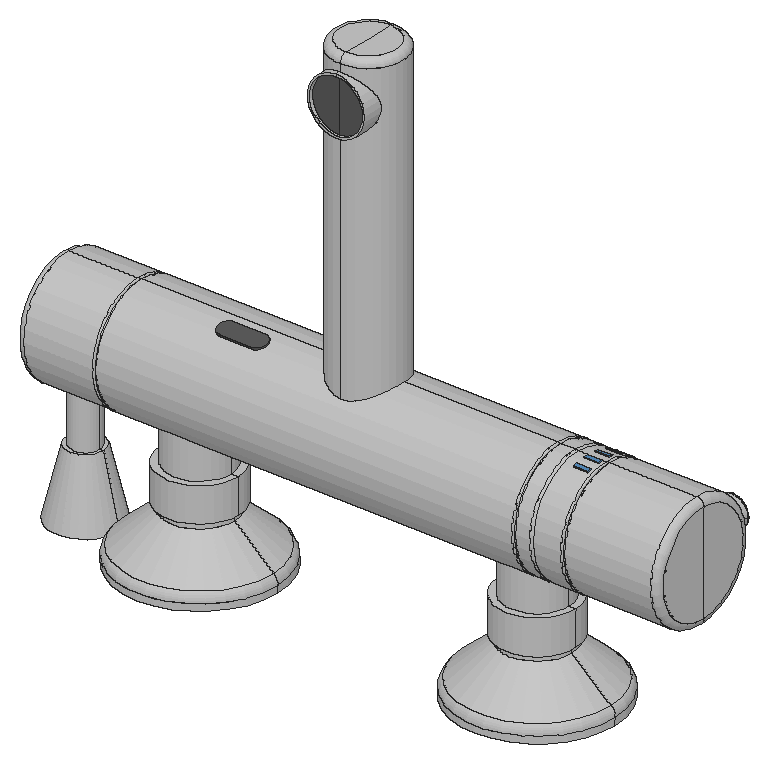
Revit family "Plumbing-Fix_Faucet-Touchless_Stern_Medical-T", category Plumbing Fixtures, host Face, Revit 2026
Family settings
  Host = Face
  Round Connector Dimension = Use Diameter
  Part Type = Normal
  Classification Number = 23.45.55.14
  Enable Cutting in Views = No
  Cut with Voids When Loaded = No
  Maintain Annotation Orientation = No
  Shared = No
  Room Calculation Point = No
Parameters (values of type "1.58 GPM")
  Water Temperature Ring Color [instance] = Finish - Stern - Cold Water
  Waste Connection = no
  Warranty Duration (Years) = 2
  WFU = 0
  Vent Connection = no
  Unit Width = 0' - 11 1/2"
  Unit Height = 0' - 9 1/4"
  URL = "http://www.sternfaucets.com/"
  Type Comments = "as Specified"
  Standards Conformance = "as Specified"
  Spout Reach = 0' - 8 1/2"
  Spout Height = 0' - 0"
  Specification = ""
  SpecWizard = ""
  Sales Information = "http://www.sternfaucets.com/contact-us/contact-us-int-l.html"
  Revision = "R1_2018-04"
  Product Properties = ""
  Product Features = "as Specified"
  Product Data = "http://www.arcat.com/arcatcos/cos50/arc50092.html"
  Power Supply = "9V Transformer"
  Piping_Inlet Diameter = 3/4"
  Piping_Flow = 1.58 GPM
  Operating Temperature Range = "Up to 149 F / 65 C"
  Operating Pressure Range = "7.26 - 116 PSI  ;  0.5 - 8 bar"
  Model = "Medical 1000 TE"
  Manufacturer Website = "http://www.sternfaucets.com/"
  Manufacturer Phone - Toll Free = "800-436-4410"
  Manufacturer Phone = ""
  Manufacturer Fax = ""
  Manufacturer Address = "777 Passaic Ave.  Clifton, NJ 07012"
  Manufacturer = "Stern Engineering"
  Maintenance Schedule (Months) = 0
  Keynote = "22 40 00"
  Installation Phase = ""
  HWFU = 1
  HW Connection = yes
  Green Building-LEED = ""
  Fixture Finish [instance] = Finish - Stern - Chrome
  Expected Lifespan (Years) = 0
  Drawn By = "Sumex Design, Inc. / Robert S. Weygant, CSI, CDT, SCIP"
  Description = "Stern Touchless Wall Mounted Medical Mixing Faucet - Medical 1000 TE as Specified"
  Default Elevation = 0' - 0"
  Cost = 0
  Copyright = "©Arcat Inc."
  Construction Details = ""
  CWFU = 1
  CW Connection = yes
  Body Construction = "Brass"
  Available Options = "as Specified"
  Assembly Code = "D2010300"
  Accent Color [instance] = Finish - Stern - Black
Types (5): name | Piping_Flow
  1.58 GPM | 1.58 GPM
  1 GPM | 1 GPM
  0.8 GPM | 0.8 GPM
  0.5 GPM | 0.5 GPM
  0.35 GPM | 0.35 GPM
Reference planes (in)
  plane 1 "Center (Front/Back)": y = 0
  plane 2: z = 0
  plane 3 "Center (Left/Right)": x = 0
  plane 4: x = -2.95312
  plane 5: x = 2.95313
  plane 6: x = -4.95312
  plane 7: z = 8.5
Forms (in)
  Extrusion 1, void
    sketch origin (0, 0, 0) x (1, 0, 0) y (0, 1, 0)
      loop
        circle (-3.01562, 0) r 0.625
      loop
        circle (2.9892, 0) r 0.625
    from 0 to -1.44157
  Revolve 2, solid, material "Finish - Stern - Chrome" <- "Fixture Finish"
    sketch origin (0, 0, 0) x (1, 0, 0) y (0, 0, 1)
      loop
        line (-2.95312, 0) -> (-2.95312, 3.08747) -> (-3.51027, 3.08747) -> (-3.51027, 1.58747) -> (-3.63587, 1.58747) -> (-3.63587, 0.98458) -> (-3.56364, 0.98458) -> (-3.56364, 0.87087) -> (-4.2464, 0.27736)
        arc (-4.2464, 0.27736) -> (-4.29951, 0.20623) -> (-4.31835, 0.11948) r 0.20919
        line (-4.31835, 0.11948) -> (-4.31835, 0) -> (-2.95312, 0)
      axis (-2.95312, 0) -> (-2.95312, 3.08747)
    angle from 0 to 360
  Revolve 3, solid, material "Finish - Stern - Chrome" <- "Fixture Finish"
    sketch origin (5.90625, 0, 0) x (1, 0, 0) y (0, 0, 1)
      loop
        line (-2.95312, 0) -> (-2.95312, 3.08747) -> (-3.51027, 3.08747) -> (-3.51027, 1.58747) -> (-3.63587, 1.58747) -> (-3.63587, 0.98458) -> (-3.56364, 0.98458) -> (-3.56364, 0.87087) -> (-4.2464, 0.27736)
        arc (-4.2464, 0.27736) -> (-4.29951, 0.20623) -> (-4.31835, 0.11948) r 0.20919
        line (-4.31835, 0.11948) -> (-4.31835, 0) -> (-2.95312, 0)
      axis (-2.95312, 0) -> (-2.95312, 3.08747)
    angle from 0 to 360
  Revolve 4, solid, material "Finish - Stern - Chrome" <- "Fixture Finish"
    sketch origin (-0.54552, 0, -7.57632) x (0, 0, 1) y (-1, 0, 0)
      loop
        line (7.57632, 4.4076) -> (10.68539, 4.4076) -> (10.68539, 4.65748) -> (8.73971, 4.65748) -> (8.73971, 4.72544) -> (7.57632, 5.01551) -> (7.57632, 4.4076)
      axis (7.57632, 4.4076) -> (10.68539, 4.4076)
    angle from 0 to 360
  Revolve 5, solid, material "Finish - Stern - Chrome" <- "Fixture Finish"
    sketch origin (0, 0, 0) x (1, 0, 0) y (0, 0, 1)
      loop
        line (-5.36188, 3.08747) -> (5.86448, 3.08747) -> (5.86448, 3.96247)
        arc (5.86448, 3.96247) -> (5.82787, 4.05086) -> (5.73948, 4.08747) r 0.125
        line (5.73948, 4.08747) -> (4.23195, 4.08747)
        arc (4.23195, 4.08747) -> (4.20985, 4.07832) -> (4.2007, 4.05622) r 0.03125
        arc (4.2007, 4.05622) -> (4.19154, 4.07832) -> (4.16945, 4.08747) r 0.03125
        line (4.16945, 4.08747) -> (3.68898, 4.08747) -> (3.68898, 4.02163)
        arc (3.68898, 4.02163) -> (3.66969, 4.06819) -> (3.62314, 4.08747) r 0.06584
        line (3.62314, 4.08747) -> (3.37314, 4.08747)
        arc (3.37314, 4.08747) -> (3.35104, 4.07832) -> (3.34189, 4.05622) r 0.03125
        arc (3.34189, 4.05622) -> (3.33274, 4.07832) -> (3.31064, 4.08747) r 0.03125
        line (3.31064, 4.08747) -> (-3.96793, 4.08747)
        arc (-3.96793, 4.08747) -> (-3.99003, 4.07832) -> (-3.99918, 4.05622) r 0.03125
        arc (-3.99918, 4.05622) -> (-4.00834, 4.07832) -> (-4.03043, 4.08747) r 0.03125
        line (-4.03043, 4.08747) -> (-5.23688, 4.08747)
        arc (-5.23688, 4.08747) -> (-5.32527, 4.05086) -> (-5.36188, 3.96247) r 0.125
        line (-5.36188, 3.96247) -> (-5.36188, 3.08747)
      axis (5.86448, 3.08747) -> (-5.36188, 3.08747)
    angle from 0 to 360
  Revolve 6, solid, material "Finish - Stern - Chrome" <- "Fixture Finish"
    sketch origin (0, -3.14997, 3.08747) x (1, 0, 0) y (0, 1, 0)
      loop
        line (5.26973, 3.87144) -> (5.26973, 4.54261) -> (5.02001, 4.54261)
        arc (5.02001, 4.54261) -> (4.99791, 4.53346) -> (4.98876, 4.51136) r 0.03125
        line (4.98876, 4.51136) -> (4.98876, 3.87144) -> (5.26973, 3.87144)
      axis (5.26973, 4.54261) -> (5.26973, 3.87144)
    angle from 0 to 360
  Extrusion 7, solid, material "Finish - Stern - Cold Water" <- "Water Temperature Ring Color"
    sketch origin (0, -2.87716, 2.20772) x (1, 0, 0) y (0, 0.965926, 0.258819)
      loop
        line (3.85087, 3.01583) -> (3.85087, 2.94147) -> (4.10087, 2.94147) -> (4.10087, 3.01583) -> (3.85087, 3.01583)
    from 0 to 1.11157
  Extrusion 8, solid, material "Finish - Stern - Cold Water" <- "Water Temperature Ring Color"
    sketch origin (0, -2.97457, 2.82276) x (1, 0, 0) y (0, 0.99863, 0.052336)
      loop
        line (3.85087, 3.01583) -> (3.85087, 2.94147) -> (4.10087, 2.94147) -> (4.10087, 3.01583) -> (3.85087, 3.01583)
    from 0 to 1.11157
  Extrusion 9, solid, material "Finish - Stern - Cold Water" <- "Water Temperature Ring Color"
    sketch origin (0, -2.94198, 3.44462) x (1, 0, 0) y (0, 0.987688, -0.156434)
      loop
        line (3.85087, 3.01583) -> (3.85087, 2.94147) -> (4.10087, 2.94147) -> (4.10087, 3.01583) -> (3.85087, 3.01583)
    from 0 to 1.11157
  Extrusion 10, solid, material "Finish - Stern - Cold Water" <- "Water Temperature Ring Color"
    sketch origin (0, -2.76176, 4.09447) x (1, 0, 0) y (0, 0.927184, -0.374607)
      loop
        line (3.85087, 3.01583) -> (3.85087, 2.94147) -> (4.10087, 2.94147) -> (4.10087, 3.01583) -> (3.85087, 3.01583)
    from 0 to 1.10437
  Extrusion 11, solid, material "Finish - Stern - Cold Water" <- "Water Temperature Ring Color"
    sketch origin (0, -2.46941, 4.64429) x (1, 0, 0) y (0, 0.829038, -0.559193)
      loop
        line (3.85087, 3.01583) -> (3.85087, 2.94147) -> (4.10087, 2.94147) -> (4.10087, 3.01583) -> (3.85087, 3.01583)
    from 0 to 1.09418
  Extrusion 12, solid, material "Finish - Stern - Cold Water" <- "Water Temperature Ring Color"
    sketch origin (0, -2.03144, 5.1571) x (1, 0, 0) y (0, 0.681998, -0.731354)
      loop
        line (3.85087, 3.01583) -> (3.85087, 2.94147) -> (4.10087, 2.94147) -> (4.10087, 3.01583) -> (3.85087, 3.01583)
    from 0 to 1.07702
  Extrusion 13, solid, material "Finish - Stern - Black" <- "Accent Color"
    sketch origin (0, -2.3129, 1.89917) x (1, 0, 0) y (0, 0.965926, 0.258819)
      loop
        arc (-2.24227, 2.65802) -> (-2.39477, 2.50552) -> (-2.24227, 2.35302) r 0.1525
        line (-2.24227, 2.35302) -> (-1.68891, 2.35302)
        arc (-1.68891, 2.35302) -> (-1.53641, 2.50552) -> (-1.68891, 2.65802) r 0.1525
        line (-1.68891, 2.65802) -> (-2.24227, 2.65802)
    from 1.37077 to 1.55347
  Revolve 14, solid, material "Finish - Stern - Chrome" <- "Fixture Finish"
    sketch origin (0, 0, 0) x (0, 1, 0) y (0, 0, 1)
      loop
        line (-0.61169, 3.02949) -> (0, 3.02949) -> (0, 9.25) -> (-0.48669, 9.25)
        arc (-0.48669, 9.25) -> (-0.57508, 9.21339) -> (-0.61169, 9.125) r 0.125
        line (-0.61169, 9.125) -> (-0.61169, 3.02949)
      axis (0, 9.25) -> (0, 3.02949)
    angle from 0 to 360
  Revolve 15, solid, material "Finish - Stern - Chrome" <- "Fixture Finish"
    sketch origin (0, 0, -0.09178) x (0, 1, 0) y (0, 0, 1)
      loop
        line (-0.70428, 9.09178) -> (-0.70428, 9.05726) -> (-0.65192, 9.05726) -> (-0.65192, 8.59178) -> (0, 8.59178) -> (0, 9.09178) -> (-0.70428, 9.09178)
      axis (0, 8.59178) -> (-0.70428, 8.59178)
    angle from 0 to 360
Cuts and joins
  joined: Revolve 5, Revolve 6
Dimensions and locks (in)
  equal spacing: plane 5, plane 3 "Center (Left/Right)", plane 4
  locked: plane 5 to plane 4 at 5.90625
  locked: plane 4 to plane 6 at 2
  aligned and locked: plane 2 to host face
  aligned and locked: level to host face
Automatic sketch dimensions
  host sketch curve to host sketch curve = 8' - 0"  (x2)
  plane 1 "Center (Front/Back)" to Extrusion 1 sketch curve = 0' - 0"  (x2)
  Extrusion 1 sketch curve to plane 4 = 0' - 0 1/16"
  plane 5 to Extrusion 1 sketch curve = 0' - 0.03608"
  Revolve 2 sketch curve to level = 0' - 0"
  Revolve 2 sketch curve to plane 4 = 0' - 0"  (x2)
  Revolve 2 sketch curve to Revolve 2 sketch curve = 0' - 0.55714"
  Revolve 2 sketch curve to Revolve 2 sketch curve = 0' - 0.05337"
  Revolve 2 sketch curve to Revolve 2 sketch curve = 0' - 0.07223"
  level to Revolve 2 sketch curve = 0' - 0.11948"
  Revolve 2 sketch curve to plane 6 = 0' - 0.84397"
  level to Revolve 2 sketch curve = 0' - 0 71/256"
  Revolve 2 sketch curve to Revolve 2 sketch curve = 0' - 0.13724"
  level to Revolve 2 sketch curve = 0' - 0.87087"
  Revolve 2 sketch curve to Revolve 2 sketch curve = 0' - 0.1137"
  Revolve 2 sketch curve to Revolve 2 sketch curve = 0' - 0.6029"
  Revolve 2 sketch curve to Revolve 2 sketch curve = 0' - 1 1/2"
  Revolve 2 sketch curve to level = 0' - 0.36227"
  Revolve 2 sketch curve to Revolve 2 sketch curve = 0' - 0.15456"
  Revolve 3 sketch curve to level = 0' - 0"
  Revolve 3 sketch curve to plane 5 = 0' - 0"  (x2)
  Revolve 3 sketch curve to Revolve 3 sketch curve = 0' - 0.55714"
  Revolve 3 sketch curve to Revolve 3 sketch curve = 0' - 0.05337"
  Revolve 3 sketch curve to Revolve 3 sketch curve = 0' - 0.07223"
  level to Revolve 3 sketch curve = 0' - 0.11948"
  Revolve 3 sketch curve to Revolve 3 sketch curve = 0' - 0.54552"
  level to Revolve 3 sketch curve = 0' - 0 71/256"
  Revolve 3 sketch curve to Revolve 3 sketch curve = 0' - 0.13724"
  level to Revolve 3 sketch curve = 0' - 0.87087"
  Revolve 3 sketch curve to Revolve 3 sketch curve = 0' - 0.1137"
  Revolve 3 sketch curve to Revolve 3 sketch curve = 0' - 0.6029"
  Revolve 3 sketch curve to Revolve 3 sketch curve = 0' - 1 1/2"
  Revolve 3 sketch curve to level = 0' - 0.36227"
  Revolve 3 sketch curve to Revolve 3 sketch curve = 0' - 0.15456"
  plane 6 to Revolve 4 sketch curve = 0' - 0"  (x2)
  Revolve 4 sketch curve to level = 0' - 0"
  plane 6 to Revolve 4 sketch curve = 0' - 0.31784"
  level to Revolve 4 sketch curve = 0' - 1.16339"
  Revolve 4 sketch curve to Revolve 4 sketch curve = 0' - 1.94568"
  plane 6 to Revolve 4 sketch curve = 0' - 0.24988"
  plane 6 to Revolve 4 sketch curve = 0' - 0.60791"
  Revolve 4 sketch curve to Revolve 4 sketch curve = 0' - 0.05286"
  Revolve 4 sketch curve to Revolve 4 sketch curve = 0' - 0.08199"
  plane 6 to Revolve 5 sketch curve = 0' - 0.40875"
  Revolve 5 sketch curve to Revolve 5 sketch curve = 0' - 0 1/8"  (x2)
  Revolve 5 sketch curve to plane 6 = 0' - 0.92269"
  Revolve 5 sketch curve to Revolve 5 sketch curve = 0' - 0 1/16"  (x3)
  plane 5 to Revolve 5 sketch curve = 0' - 0.35751"
  Revolve 5 sketch curve to Revolve 5 sketch curve = 0' - 0 1/4"
  Revolve 5 sketch curve to Revolve 5 sketch curve = 0' - 0.06584"  (x2)
  Revolve 5 sketch curve to Revolve 5 sketch curve = 0' - 0 123/256"
  Revolve 5 sketch curve to Revolve 5 sketch curve = 0' - 1.50753"
  level to Revolve 5 sketch curve = 0' - 3.08747"
  Revolve 5 sketch curve to Revolve 5 sketch curve = 0' - 0 7/8"  (x2)
  Revolve 5 sketch curve to Revolve 5 sketch curve = 0' - 0 1/32"  (x5)
  Revolve 5 sketch curve to Revolve 5 sketch curve = 0' - 0"  (x4)
  Revolve 5 sketch curve to Revolve 5 sketch curve = 0' - 2.37785"
  Revolve 5 sketch curve to Revolve 5 sketch curve = 0' - 1.14579"
  plane 5 to Revolve 6 sketch curve = 0' - 2.03564"
  Revolve 6 sketch curve to Revolve 6 sketch curve = 0' - 0 1/32"
  Revolve 6 sketch curve to Revolve 6 sketch curve = 0' - 0.24972"
  Revolve 6 sketch curve to plane 1 "Center (Front/Back)" = 0' - 0.72147"
  Revolve 6 sketch curve to Revolve 6 sketch curve = 0' - 0.63992"
  Revolve 6 sketch curve to Revolve 6 sketch curve = 0' - 0"
  Revolve 6 sketch curve to Revolve 6 sketch curve = 0' - 0.14592"
  Revolve 6 sketch curve to Revolve 6 sketch curve = 0' - 0.06709"
  plane 5 to Extrusion 7 sketch curve = 0' - 0.89774"
  Extrusion 7 sketch curve to Extrusion 7 sketch curve = 0' - 0 1/4"
  Extrusion 7 sketch curve to Extrusion 7 sketch curve = 0' - 0.07436"
  plane 5 to Extrusion 8 sketch curve = 0' - 0.89774"
  Extrusion 8 sketch curve to Extrusion 8 sketch curve = 0' - 0 1/4"
  Extrusion 8 sketch curve to Extrusion 8 sketch curve = 0' - 0.07436"
  plane 5 to Extrusion 9 sketch curve = 0' - 0.89774"
  Extrusion 9 sketch curve to Extrusion 9 sketch curve = 0' - 0 1/4"
  Extrusion 9 sketch curve to Extrusion 9 sketch curve = 0' - 0.07436"
  plane 5 to Extrusion 10 sketch curve = 0' - 0.89774"
  Extrusion 10 sketch curve to Extrusion 10 sketch curve = 0' - 0 1/4"
  Extrusion 10 sketch curve to Extrusion 10 sketch curve = 0' - 0.07436"
  plane 5 to Extrusion 11 sketch curve = 0' - 0.89774"
  Extrusion 11 sketch curve to Extrusion 11 sketch curve = 0' - 0 1/4"
  Extrusion 11 sketch curve to Extrusion 11 sketch curve = 0' - 0.07436"
  plane 5 to Extrusion 12 sketch curve = 0' - 0.89774"
  Extrusion 12 sketch curve to Extrusion 12 sketch curve = 0' - 0 1/4"
  Extrusion 12 sketch curve to Extrusion 12 sketch curve = 0' - 0.07436"
  plane 4 to Extrusion 13 sketch curve = 0' - 0.71086"
  Extrusion 13 sketch curve to Extrusion 13 sketch curve = 0' - 0.55336"
  Extrusion 13 sketch curve to Extrusion 13 sketch curve = 0' - 0.1525"
  Extrusion 13 sketch curve to Extrusion 13 sketch curve = 0' - 0"
  Revolve 15 sketch curve to plane 1 "Center (Front/Back)" = 0' - 0"
  plane 1 "Center (Front/Back)" to Revolve 15 sketch curve = 0' - 0.65192"
  Revolve 15 sketch curve to Revolve 15 sketch curve = 0' - 0.05237"
  level to Revolve 15 sketch curve = 0' - 8 1/2"
  Revolve 15 sketch curve to Revolve 15 sketch curve = 0' - 0.46549"  (x2)
  Revolve 15 sketch curve to Revolve 15 sketch curve = 0' - 1.75111"
  Revolve 15 sketch curve to Revolve 15 sketch curve = 0' - 0.03451"
  Revolve 15 sketch curve to Revolve 15 sketch curve = 0' - 0.84698"
  Revolve 14 sketch curve to plane 1 "Center (Front/Back)" = 0' - 0"  (x2)
  plane 1 "Center (Front/Back)" to Revolve 14 sketch curve = 0' - 0.48669"
  Revolve 14 sketch curve to Revolve 14 sketch curve = 0' - 0 1/8"
  level to Revolve 14 sketch curve = 0' - 3.02949"
  Revolve 14 sketch curve to plane 7 = 0' - 0 5/8"
  Revolve 14 sketch curve to Revolve 14 sketch curve = 0' - 0.87617"
  Revolve 14 sketch curve to Revolve 14 sketch curve = 0' - 0.30787"
  radius of Extrusion 1 sketch curve = 0' - 0 5/8"  (x2)
Connectors (in)
  electrical at (-4.95312, 0, 0)
    settings: on Revolve 4, index 1, voltage 0 V, apparent load 0 VA, apparent load phase1 0 VA, apparent load phase2 0 VA, apparent load phase3 0 VA, power factor 1, load classification "Other", number of poles 1, system type 13, power factor state 1, is connector primary yes, connector utility no, sub classification motor no, connector description ""
  piping at (-2.95312, 0, 0), diameter 0.75, driven by "Piping_Flow", driven by "Piping_Inlet Diameter"
    settings: on Revolve 2, index 2, connector inside diameter 24", connector length 0' - 0", flow factor 0, pipe flow 1.58 GPM, pressure drop 0.00 psi, fitting loss kfactor 0, connector angle 0.00°, fixture units 0, engagement length 0' - 0", angle of deflection 0.00°, flow configuration 0, flow direction 1, fitting loss method 0, system type 19, joint type 0, gender type 0, connector reference index -1, connector utility 0, adjustable connector no, is connector primary yes, connector description "HW Inlet"
  piping at (2.95313, 0, 0), diameter 0.75, driven by "Piping_Flow", driven by "Piping_Inlet Diameter"
    settings: on Revolve 3, index 3, connector inside diameter 24", connector length 0' - 0", flow factor 0, pipe flow 1.58 GPM, pressure drop 0.00 psi, fitting loss kfactor 0, connector angle 0.00°, fixture units 0, engagement length 0' - 0", angle of deflection 0.00°, flow configuration 0, flow direction 1, fitting loss method 0, system type 20, joint type 0, gender type 0, connector reference index -1, connector utility 0, adjustable connector no, is connector primary no, connector description "CW Inlet"
